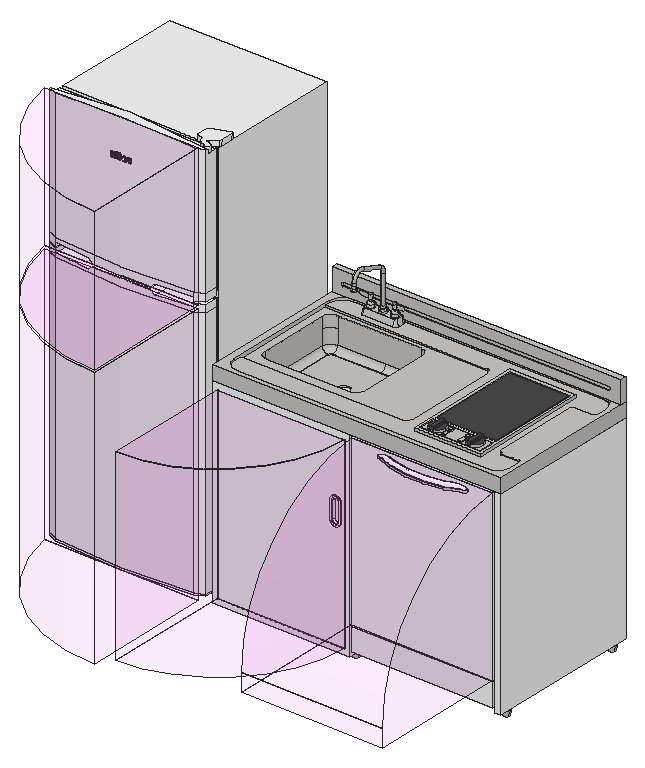
Revit family "QF_Summit_ACKDW751G_Kitchenette_with_Dishwasher_Refrigerator_Freezer", category Specialty Equipment, Revit 2020
Family settings
  Round Connector Dimension = Use Diameter
  Part Type = Normal
  Work Plane-Based = No
  Always vertical = Yes
  Cut with Voids When Loaded = No
  Shared = No
  Room Calculation Point = No
Parameters
  Weight in Pounds = 300
  Watts = Volts * FL Amps  # 0 W
  Volts = 115 V
  URL Cutsheet = ""
  Specification by User = ""
  Specification by Manufacturer = ""
  Show RHD [instance] = yes
  Show LHD [instance] = not(Show RHD)  # no
  Show Clearance [instance] = yes
  Serial Number = ""
  Seismic Rating = ""
  SMACNA No = ""
  Revision Code = ""
  Refrigerant Volume = 0.00 kip
  Refrigerant Type = "R134a"
  Phase = 1
  Number of Poles = 1
  NAFEM Spec ID Number = ""
  Model = "ACKDW751G"
  Min Ckt Ampacity = 0 A
  Max Overcurrent Protection = 0 A
  Masterspec = ""
  Manufacturer = "Summit"
  Length = 74 3/4"
  Item Number = ""
  Installed By = ""
  Identify Quantity as Lot = yes
  Height = 40"
  HP = ""
  Furnished By = ""
  Foodservice Equipment Identifier = yes
  FL Amps = 0 A
  Electrical Remarks = "115 V cooktop"
  Electric Connection Type = ""
  Elec Conn RI Height = 0"
  Elec Conn Connection Height = 0"
  Description = "Kichenette with Dishwasher & Refrigerator/Freezer"
  Depth = 26"
  Default Elevation = 0"
  Cycle = 60 Hz
  Conn Plug = ""
  Conn Conduit = yes
  CSI MasterFormat = ""
  BTUH = 0.0 Btu/h
  Apparent Power = if(Phase = 3, Volts * FL Amps * 1.73, Volts * FL Amps)  # 0 VA
Reference planes (in)
  plane 1 "BACK": y = 0
  plane 2: z = 0
  plane 3 "LEFT": x = -9.125
  plane 4 "RIGHT": x = 65.625
  plane 5 "FRONT": y = -26
  plane 6 "TOP": z = 42
  plane 7 "Center Y": x = 28.25
  plane 8 "Center X": y = -13
  plane 9: z = 1
  plane 10: z = 40
  plane 11: z = 36.375
  plane 12: z = 34
  plane 13: y = -49.5
Forms (in)
  Extrusion 1, solid, material "QF_Metal - Stainless - Polished"
    sketch origin (32, 0, 42) x (-1, 0, 0) y (0, -1, 0)
      loop
        line (14.31397, 0) -> (14.31397, 26) -> (-33.625, 26) -> (-33.625, 0) -> (14.31397, 0)
      loop
        arc (-4.9375, 6.34375) -> (-4.49816, 5.28309) -> (-3.4375, 4.84375) r 1.5
        line (-3.4375, 4.84375) -> (2.3125, 4.84375) -> (10.3125, 4.84375)
        arc (10.3125, 4.84375) -> (11.37316, 5.28309) -> (11.8125, 6.34375) r 1.5
        line (11.8125, 6.34375) -> (11.8125, 18.22375)
        arc (11.8125, 18.22375) -> (11.37316, 19.28441) -> (10.3125, 19.72375) r 1.5
        line (10.3125, 19.72375) -> (-3.4375, 19.72375)
        arc (-3.4375, 19.72375) -> (-4.49816, 19.28441) -> (-4.9375, 18.22375) r 1.5
        line (-4.9375, 18.22375) -> (-4.9375, 6.34375)
    from -5.625 to -8
  Extrusion 2, solid, material "QF_Metal - Stainless - Polished"
    sketch origin (-18.18739, -180, 36.375) x (-1, 0, 0) y (0, -1, 0)
      loop
        line (-35.87341, -180) -> (-35.87341, -179) -> (-83.81239, -179) -> (-83.81239, -180) -> (-35.87341, -180)
    from 0 to 3.625
  Sweep 3, solid, material "QF_Metal - Stainless - Polished"
    path origin (10.37453, 0.875, 0) x (1, 0, 0) y (0, 1, 0)
      loop
        arc (11.31297, -5.71875) -> (10.25231, -6.15809) -> (9.81297, -7.21875) r 1.5
        line (9.81297, -7.21875) -> (9.81297, -19.09875)
        arc (9.81297, -19.09875) -> (10.25231, -20.15941) -> (11.31297, -20.59875) r 1.5
        line (11.31297, -20.59875) -> (25.06297, -20.59875)
        arc (25.06297, -20.59875) -> (26.12363, -20.15941) -> (26.56297, -19.09875) r 1.5
        line (26.56297, -19.09875) -> (26.56297, -7.21875)
        arc (26.56297, -7.21875) -> (26.12363, -6.15809) -> (25.06297, -5.71875) r 1.5
        line (25.06297, -5.71875) -> (19.25147, -5.71875) -> (11.31297, -5.71875)
    profile origin (25.65675, -4.84375, 0) x (0, 1, 0) y (0, 0, 1)
      loop
        line (0, 34) -> (0, 31.495)
        arc (0, 31.495) -> (-0.29289, 30.78789) -> (-1, 30.495) r 1
        line (-1, 30.495) -> (-1, 30.4325)
        arc (-1, 30.4325) -> (-0.2487, 30.7437) -> (0.0625, 31.495) r 1.0625
        line (0.0625, 31.495) -> (0.0625, 34) -> (0, 34)
  Extrusion 4, void
    sketch origin (65.625, -1, 36.375) x (-1, 0, 0) y (0, 0, -1)
      loop
        arc (46.02955, -2.08077) -> (46.40455, -1.70577) -> (46.02955, -1.33077) r 0.375
        line (46.02955, -1.33077) -> (1.90943, -1.33077)
        arc (1.90943, -1.33077) -> (1.53443, -1.70577) -> (1.90943, -2.08077) r 0.375
        line (1.90943, -2.08077) -> (46.02955, -2.08077)
    from 0.25 to -0.25
  Extrusion 5, solid, material "QF_Plastic_White_Smooth"
    sketch origin (-18.18739, -180, 1) x (-1, 0, 0) y (0, -1, 0)
      loop
        line (-35.87341, -180) -> (-35.87341, -154) -> (-36.74841, -154) -> (-36.74841, -179) -> (-57.93739, -179) -> (-57.93739, -154) -> (-58.81239, -154) -> (-58.81239, -179) -> (-82.93739, -179) -> (-82.93739, -154) -> (-83.81239, -154) -> (-83.81239, -180) -> (-35.87341, -180)
    from 0 to 33
  Extrusion 6, solid, material "QF_Plastic_White_Smooth"
    sketch origin (18.56103, -26, 1) x (-1, 0, 0) y (0, 0, -1)
      loop
        line (0, -33) -> (0, -31.999) -> (-21.18897, -31.999) -> (-21.18897, -33) -> (0, -33)
    from 0 to -1
  Extrusion 7, solid, material "QF_Plastic_White_Smooth"
    sketch origin (18.56103, -1, 1) x (1, 0, 0) y (0, 0, 1)
      loop
        line (0, 0) -> (21.18897, 0) -> (21.18897, 0.875) -> (0, 0.875) -> (0, 0)
    from 0 to 25
  Extrusion 8, solid, material "QF_Plastic_White_Smooth"
    sketch origin (42.81103, -26, 1) x (-1, 0, 0) y (0, 0, -1)
      loop
        line (24.25, -0.875) -> (3.06103, -0.875) -> (3.06103, -31.999) -> (24.25, -31.999) -> (24.25, -0.875)
    from 0 to -1
  Extrusion 9, void
    sketch origin (31.95409, -26, 1) x (-1, 0, 0) y (0, 0, -1)
      loop
        arc (-5.68413, -19.46083) -> (-6.28413, -18.86083) -> (-6.88413, -19.46083) r 0.6
        line (-6.88413, -19.46083) -> (-6.88413, -22.26083)
        arc (-6.88413, -22.26083) -> (-6.28413, -22.86083) -> (-5.68413, -22.26083) r 0.6
        line (-5.68413, -22.26083) -> (-5.68413, -19.46083)
    from 0.5 to -0.5009
  Extrusion 10, solid, material "QF_Plastic_White_Smooth"
    sketch origin (31.70409, -26, 1) x (-1, 0, 0) y (0, 0, -1)
      loop
        line (-7.13413, -19.46083) -> (-7.13413, -22.26083)
        arc (-7.13413, -22.26083) -> (-6.53413, -22.86083) -> (-5.93413, -22.26083) r 0.6
        line (-5.93413, -22.26083) -> (-5.93413, -19.46083)
        arc (-5.93413, -19.46083) -> (-6.53413, -18.86083) -> (-7.13413, -19.46083) r 0.6
      loop
        line (-5.63413, -22.26083) -> (-5.63413, -19.46083)
        arc (-5.63413, -19.46083) -> (-6.53413, -18.56083) -> (-7.43413, -19.46083) r 0.9
        line (-7.43413, -19.46083) -> (-7.43413, -22.26083)
        arc (-7.43413, -22.26083) -> (-6.53413, -23.16083) -> (-5.63413, -22.26083) r 0.9
    from 0 to 0.0625
  Extrusion 11, solid
    sketch origin (12.49283, 0, 36.375) x (1, 0, 0) y (0, 0, -1)
      loop
        circle (41.04471, 33.21044) r 0.125
    from 0 to 0.25
  Revolve 12, solid, material "QF_Metal - Stainless - Polished"
    sketch origin (-10.75062, -2, 0) x (1, 0, 0) y (0, 0, 1)
      loop
        line (50.8125, 1) -> (50.8125, 0) -> (51.25, 0) -> (51.375, 0.75) -> (50.9375, 0.75) -> (50.9375, 1) -> (50.8125, 1)
      axis (50.8125, 1) -> (50.8125, 0)
    angle from 0 to 360
  Revolve 13, solid, material "QF_Metal - Stainless - Polished"
    sketch origin (-10.75062, -24.00761, 0) x (1, 0, 0) y (0, 0, 1)
      loop
        line (50.8125, 1) -> (50.8125, 0) -> (51.25, 0) -> (51.375, 0.75) -> (50.9375, 0.75) -> (50.9375, 1) -> (50.8125, 1)
      axis (50.8125, 0) -> (50.8125, 1)
    angle from 0 to 360
  Revolve 14, solid, material "QF_Metal - Stainless - Polished"
    sketch origin (-43.05466, -2, 0) x (1, 0, 0) y (0, 0, 1)
      loop
        line (61.31103, 1) -> (61.31103, 0) -> (61.74853, 0) -> (61.87353, 0.75) -> (61.43603, 0.75) -> (61.43603, 1) -> (61.31103, 1)
      axis (61.31103, 1) -> (61.31103, 0)
    angle from 0 to 360
  Revolve 15, solid, material "QF_Metal - Stainless - Polished"
    sketch origin (-43.05466, -24.00761, 0) x (1, 0, 0) y (0, 0, 1)
      loop
        line (61.31103, 1) -> (61.31103, 0) -> (61.74853, 0) -> (61.87353, 0.75) -> (61.43603, 0.75) -> (61.43603, 1) -> (61.31103, 1)
      axis (61.31103, 0) -> (61.31103, 1)
    angle from 0 to 360
  Extrusion 16, solid, material "QF_Metal - Stainless - Polished"
    sketch origin (-13.50047, 0.875, 1.3075) x (1, 0, 0) y (0, 1, 0)
      loop
        circle (42.06297, -13.15875) r 1
      loop
        arc (49.43797, -7.21875) -> (49.29153, -6.8652) -> (48.93797, -6.71875) r 0.5
        line (48.93797, -6.71875) -> (35.18797, -6.71875)
        arc (35.18797, -6.71875) -> (34.83442, -6.8652) -> (34.68797, -7.21875) r 0.5
        line (34.68797, -7.21875) -> (34.68797, -19.09875)
        arc (34.68797, -19.09875) -> (34.83442, -19.4523) -> (35.18797, -19.59875) r 0.5
        line (35.18797, -19.59875) -> (48.93797, -19.59875)
        arc (48.93797, -19.59875) -> (49.29153, -19.4523) -> (49.43797, -19.09875) r 0.5
        line (49.43797, -19.09875) -> (49.43797, -7.21875)
    from 29.125 to 29.1875
  Extrusion 17, solid, material "QF_Clearances_Door_Drawer", visible <- "Show Clearance"
    sketch origin (-5.56819, 0, 0) x (1, 0, 0) y (0, 1, 0)
      loop
        arc (24.12922, -47.18897) -> (39.11209, -40.98287) -> (45.31819, -26) r 21.18897
        line (45.31819, -26) -> (24.12922, -26) -> (24.12922, -47.18897)
    from 1.875 to 32.999
  Extrusion 18, void
    sketch origin (32, 0, 36.375) x (-1, 0, 0) y (0, -1, 0)
      loop
        arc (-29.124, 6.1261) -> (-29.30706, 5.68415) -> (-29.749, 5.5011) r 0.625
        line (-29.749, 5.5011) -> (-32.374, 5.5011)
        arc (-32.374, 5.5011) -> (-32.81594, 5.31804) -> (-32.999, 4.8761) r 0.625
        line (-32.999, 4.8761) -> (-32.999, 3.2511)
        arc (-32.999, 3.2511) -> (-32.33999, 1.66011) -> (-30.749, 1.0011) r 2.25
        line (-30.749, 1.0011) -> (10.8125, 1.0011)
        arc (10.8125, 1.0011) -> (12.40349, 1.66011) -> (13.0625, 3.2511) r 2.25
        line (13.0625, 3.2511) -> (13.0625, 23)
        arc (13.0625, 23) -> (12.40349, 24.59099) -> (10.8125, 25.25) r 2.25
        line (10.8125, 25.25) -> (-30.749, 25.25)
        arc (-30.749, 25.25) -> (-32.33999, 24.59099) -> (-32.999, 23) r 2.25
        line (-32.999, 23) -> (-32.999, 21.375)
        arc (-32.999, 21.375) -> (-32.81594, 20.93306) -> (-32.374, 20.75) r 0.625
        line (-32.374, 20.75) -> (-29.749, 20.75)
        arc (-29.749, 20.75) -> (-29.30706, 20.56694) -> (-29.124, 20.125) r 0.625
        line (-29.124, 20.125) -> (-29.124, 6.1261)
      loop
        line (-3.4375, 4.84375) -> (-2.4385, 4.84375) -> (10.3125, 4.84375)
        arc (10.3125, 4.84375) -> (11.37316, 5.28309) -> (11.8125, 6.34375) r 1.5
        line (11.8125, 6.34375) -> (11.8125, 18.22375)
        arc (11.8125, 18.22375) -> (11.37316, 19.28441) -> (10.3125, 19.72375) r 1.5
        line (10.3125, 19.72375) -> (-3.4375, 19.72375)
        arc (-3.4375, 19.72375) -> (-4.49816, 19.28441) -> (-4.9375, 18.22375) r 1.5
        line (-4.9375, 18.22375) -> (-4.9375, 6.34375)
        arc (-4.9375, 6.34375) -> (-4.49816, 5.28309) -> (-3.4375, 4.84375) r 1.5
    from -0.25 to 1
  Extrusion 19, void
    sketch origin (32, 0, 36.125) x (-1, 0, 0) y (0, -1, 0)
      loop
        line (-13.75, 4.09375) -> (13.0625, 4.09375) -> (13.0625, 21.71875) -> (-13.75, 21.71875)
        arc (-13.75, 21.71875) -> (-14.45711, 21.42586) -> (-14.75, 20.71875) r 1
        line (-14.75, 20.71875) -> (-14.75, 5.09375)
        arc (-14.75, 5.09375) -> (-14.45711, 4.38664) -> (-13.75, 4.09375) r 1
    from -0.25 to 1
  Revolve 20, solid, material "QF_Metal - Stainless - Polished"
    sketch origin (16, -2, 0) x (1, 0, 0) y (0, 0, 1)
      loop
        line (49.0625, 1) -> (49.0625, 0) -> (49.5, 0) -> (49.625, 0.75) -> (49.1875, 0.75) -> (49.1875, 1) -> (49.0625, 1)
      axis (49.0625, 1) -> (49.0625, 0)
    angle from 0 to 360
  Revolve 21, solid, material "QF_Metal - Stainless - Polished"
    sketch origin (16, -24.00761, 0) x (1, 0, 0) y (0, 0, 1)
      loop
        line (49.0625, 1) -> (49.0625, 0) -> (49.5, 0) -> (49.625, 0.75) -> (49.1875, 0.75) -> (49.1875, 1) -> (49.0625, 1)
      axis (49.0625, 0) -> (49.0625, 1)
    angle from 0 to 360
  Extrusion 22, solid, material "QF_Metal_Stainless_Polished"
    sketch origin (29.04278, -181.11152, 36.125) x (-1, 0, 0) y (0, -1, 0)
      loop
        line (-19.76922, -178.13842) -> (-19.76922, -158.27212) -> (-30.76922, -158.27212) -> (-30.76922, -178.13842) -> (-19.76922, -178.13842)
      loop
        line (-20.26922, -177.38842) -> (-20.26922, -162.02212) -> (-30.26922, -162.02212) -> (-30.26922, -177.38842) -> (-20.26922, -177.38842)
      loop
        line (-20.26922, -158.77212) -> (-30.26922, -158.77212) -> (-30.26922, -161.52212) -> (-20.26922, -161.52212) -> (-20.26922, -158.77212)
    from 0 to 0.5
  Extrusion 23, solid, material "QF_Metal_Stainless_Polished"
    sketch origin (29.04278, -181.11152, 36.625) x (-1, 0, 0) y (0, -1, 0)
      loop
        line (-20.26922, -158.77212) -> (-30.26922, -158.77212) -> (-30.26922, -161.52212) -> (-20.26922, -161.52212) -> (-20.26922, -158.77212)
    from -0.25 to 0
  Extrusion 24, solid, material "QF_Metal_Stainless_Polished"
    sketch origin (29.04278, -181.11152, 36.625) x (-1, 0, 0) y (0, -1, 0)
      loop
        circle (-22.13141, -160.14712) r 1.25
      loop
        circle (-28.40702, -160.14712) r 1.25
    from 0 to 0.25
  Extrusion 25, solid, material "QF_Plastic_Black_Smooth"
    sketch origin (29.04278, -181.11152, 36.875) x (-1, 0, 0) y (0, -1, 0)
      loop
        line (-21.85016, -161.36507) -> (-21.85016, -158.92917)
        arc (-21.85016, -158.92917) -> (-22.13141, -158.89712) -> (-22.41266, -158.92917) r 1.25
        line (-22.41266, -158.92917) -> (-22.41266, -161.36507)
        arc (-22.41266, -161.36507) -> (-22.13141, -161.39712) -> (-21.85016, -161.36507) r 1.25
      loop
        line (-28.12577, -161.36507) -> (-28.12577, -158.92917)
        arc (-28.12577, -158.92917) -> (-28.40702, -158.89712) -> (-28.68827, -158.92917) r 1.25
        line (-28.68827, -158.92917) -> (-28.68827, -161.36507)
        arc (-28.68827, -161.36507) -> (-28.40702, -161.39712) -> (-28.12577, -161.36507) r 1.25
    from 0 to 0.5
  Extrusion 26, solid, material "QF_Metal_Stainless_Polished"
    sketch origin (29.79278, -181.11152, 36.625) x (-1, 0, 0) y (0, -1, 0)
      loop
        line (-22.85535, -160.19685) -> (-22.85535, -159.12569) -> (-23.41848, -159.12569) -> (-23.41848, -160.19685) -> (-22.85535, -160.19685)
      loop
        circle (-23.13691, -160.79606) r 0.28156
      loop
        line (-26.18308, -160.19685) -> (-25.61996, -160.19685) -> (-25.61996, -159.12569) -> (-26.18308, -159.12569) -> (-26.18308, -160.19685)
      loop
        circle (-25.90152, -160.79606) r 0.28156
    from 0 to 0.0625
  Extrusion 27, solid, material "QF_Plastic_Black_Smooth"
    sketch origin (29.04278, -179.11152, 36.125) x (-1, 0, 0) y (0, -1, 0)
      loop
        line (-20.26922, -175.38842) -> (-20.26922, -160.02212) -> (-30.26922, -160.02212) -> (-30.26922, -175.38842) -> (-20.26922, -175.38842)
    from 0 to 0.5
  Extrusion 28, solid, material "QF_Metal_Stainless_Polished", not visible
    sketch origin (-2.35752, -180, 36.125) x (-1, 0, 0) y (0, -1, 0)
      loop
        line (-19.76922, -178.13842) -> (-19.76922, -158.27212) -> (-30.76922, -158.27212) -> (-30.76922, -178.13842) -> (-19.76922, -178.13842)
      loop
        line (-20.26922, -177.38842) -> (-20.26922, -162.02212) -> (-30.26922, -162.02212) -> (-30.26922, -177.38842) -> (-20.26922, -177.38842)
      loop
        line (-20.26922, -158.77212) -> (-30.26922, -158.77212) -> (-30.26922, -161.52212) -> (-20.26922, -161.52212) -> (-20.26922, -158.77212)
    from 0 to 0.5
  Extrusion 29, solid, material "QF_Metal_Stainless_Polished", not visible
    sketch origin (-2.35752, -180, 36.625) x (-1, 0, 0) y (0, -1, 0)
      loop
        line (-20.26922, -158.77212) -> (-30.26922, -158.77212) -> (-30.26922, -161.52212) -> (-20.26922, -161.52212) -> (-20.26922, -158.77212)
    from -0.25 to 0
  Extrusion 30, solid, material "QF_Metal_Stainless_Polished", not visible
    sketch origin (-2.35752, -180, 36.625) x (-1, 0, 0) y (0, -1, 0)
      loop
        circle (-22.13141, -160.14712) r 1.25
      loop
        circle (-28.40702, -160.14712) r 1.25
    from 0 to 0.25
  Extrusion 31, solid, material "QF_Plastic_Black_Smooth", not visible
    sketch origin (-2.35752, -180, 36.875) x (-1, 0, 0) y (0, -1, 0)
      loop
        line (-21.85016, -161.36507) -> (-21.85016, -158.92917)
        arc (-21.85016, -158.92917) -> (-22.13141, -158.89712) -> (-22.41266, -158.92917) r 1.25
        line (-22.41266, -158.92917) -> (-22.41266, -161.36507)
        arc (-22.41266, -161.36507) -> (-22.13141, -161.39712) -> (-21.85016, -161.36507) r 1.25
      loop
        line (-28.12577, -161.36507) -> (-28.12577, -158.92917)
        arc (-28.12577, -158.92917) -> (-28.40702, -158.89712) -> (-28.68827, -158.92917) r 1.25
        line (-28.68827, -158.92917) -> (-28.68827, -161.36507)
        arc (-28.68827, -161.36507) -> (-28.40702, -161.39712) -> (-28.12577, -161.36507) r 1.25
    from 0 to 0.5
  Extrusion 32, solid, material "QF_Metal_Stainless_Polished", not visible
    sketch origin (-1.60752, -180, 36.625) x (-1, 0, 0) y (0, -1, 0)
      loop
        line (-22.85535, -160.19685) -> (-22.85535, -159.12569) -> (-23.41848, -159.12569) -> (-23.41848, -160.19685) -> (-22.85535, -160.19685)
      loop
        circle (-23.13691, -160.79606) r 0.28156
      loop
        line (-26.18308, -160.19685) -> (-25.61996, -160.19685) -> (-25.61996, -159.12569) -> (-26.18308, -159.12569) -> (-26.18308, -160.19685)
      loop
        circle (-25.90152, -160.79606) r 0.28156
    from 0 to 0.0625
  Extrusion 33, solid, material "QF_Plastic_Black_Smooth", not visible
    sketch origin (-2.35752, -178, 36.125) x (-1, 0, 0) y (0, -1, 0)
      loop
        line (-20.26922, -175.38842) -> (-20.26922, -160.02212) -> (-30.26922, -160.02212) -> (-30.26922, -175.38842) -> (-20.26922, -175.38842)
    from 0 to 0.5
Cuts and joins
  Extrusion 4 cuts Extrusion 2
  joined: Extrusion 5, Extrusion 6, Extrusion 7
  Extrusion 9 cuts Extrusion 8
  Extrusion 18, Extrusion 19 cuts Extrusion 1
  joined: Extrusion 1, Sweep 3
Lines and regions (in)
  Split face 1
    outline origin (18.9375, -4.09375, 35.875) x (1, 0, 0) y (0, 1, 0)
      loop
        line (19.6885, -1.78125) -> (26.25, -1.78125)
        arc (26.25, -1.78125) -> (26.4375, -1.59375) -> (26.25, -1.40625) r 0.1875
        line (26.25, -1.40625) -> (19.6885, -1.40625)
        arc (19.6885, -1.40625) -> (19.501, -1.59375) -> (19.6885, -1.78125) r 0.1875
  Split face 2
    outline origin (18.9375, -4.09375, 35.875) x (1, 0, 0) y (0, 1, 0)
      loop
        arc (19.6885, -2.59375) -> (19.501, -2.78125) -> (19.6885, -2.96875) r 0.1875
        line (19.6885, -2.96875) -> (26.25, -2.96875)
        arc (26.25, -2.96875) -> (26.4375, -2.78125) -> (26.25, -2.59375) r 0.1875
        line (26.25, -2.59375) -> (19.6885, -2.59375)
  Split face 3
    outline origin (18.9375, -4.09375, 35.875) x (1, 0, 0) y (0, 1, 0)
      loop
        arc (19.6885, -3.78125) -> (19.501, -3.96875) -> (19.6885, -4.15625) r 0.1875
        line (19.6885, -4.15625) -> (26.25, -4.15625)
        arc (26.25, -4.15625) -> (26.4375, -3.96875) -> (26.25, -3.78125) r 0.1875
        line (26.25, -3.78125) -> (19.6885, -3.78125)
  Split face 4
    outline origin (18.9375, -4.09375, 35.875) x (1, 0, 0) y (0, 1, 0)
      loop
        arc (19.6885, -4.96875) -> (19.501, -5.15625) -> (19.6885, -5.34375) r 0.1875
        line (19.6885, -5.34375) -> (26.25, -5.34375)
        arc (26.25, -5.34375) -> (26.4375, -5.15625) -> (26.25, -4.96875) r 0.1875
        line (26.25, -4.96875) -> (19.6885, -4.96875)
  Split face 5
    outline origin (18.9375, -4.09375, 35.875) x (1, 0, 0) y (0, 1, 0)
      loop
        line (19.6885, -6.53125) -> (26.25, -6.53125)
        arc (26.25, -6.53125) -> (26.4375, -6.34375) -> (26.25, -6.15625) r 0.1875
        line (26.25, -6.15625) -> (19.6885, -6.15625)
        arc (19.6885, -6.15625) -> (19.501, -6.34375) -> (19.6885, -6.53125) r 0.1875
  Split face 6
    outline origin (18.9375, -4.09375, 35.875) x (1, 0, 0) y (0, 1, 0)
      loop
        line (19.6885, -7.71875) -> (26.25, -7.71875)
        arc (26.25, -7.71875) -> (26.4375, -7.53125) -> (26.25, -7.34375) r 0.1875
        line (26.25, -7.34375) -> (19.6885, -7.34375)
        arc (19.6885, -7.34375) -> (19.501, -7.53125) -> (19.6885, -7.71875) r 0.1875
  Split face 7
    outline origin (18.9375, -4.09375, 35.875) x (1, 0, 0) y (0, 1, 0)
      loop
        line (26.25, -8.53125) -> (19.6885, -8.53125)
        arc (19.6885, -8.53125) -> (19.501, -8.71875) -> (19.6885, -8.90625) r 0.1875
        line (19.6885, -8.90625) -> (26.25, -8.90625)
        arc (26.25, -8.90625) -> (26.4375, -8.71875) -> (26.25, -8.53125) r 0.1875
  Split face 8
    outline origin (18.9375, -4.09375, 35.875) x (1, 0, 0) y (0, 1, 0)
      loop
        line (26.25, -9.71875) -> (19.6885, -9.71875)
        arc (19.6885, -9.71875) -> (19.501, -9.90625) -> (19.6885, -10.09375) r 0.1875
        line (19.6885, -10.09375) -> (26.25, -10.09375)
        arc (26.25, -10.09375) -> (26.4375, -9.90625) -> (26.25, -9.71875) r 0.1875
  Split face 9
    outline origin (18.9375, -4.09375, 35.875) x (1, 0, 0) y (0, 1, 0)
      loop
        arc (19.6885, -10.90625) -> (19.501, -11.09375) -> (19.6885, -11.28125) r 0.1875
        line (19.6885, -11.28125) -> (26.25, -11.28125)
        arc (26.25, -11.28125) -> (26.4375, -11.09375) -> (26.25, -10.90625) r 0.1875
        line (26.25, -10.90625) -> (19.6885, -10.90625)
  Split face 10
    outline origin (18.9375, -4.09375, 35.875) x (1, 0, 0) y (0, 1, 0)
      loop
        arc (19.6885, -12.09375) -> (19.501, -12.28125) -> (19.6885, -12.46875) r 0.1875
        line (19.6885, -12.46875) -> (26.25, -12.46875)
        arc (26.25, -12.46875) -> (26.4375, -12.28125) -> (26.25, -12.09375) r 0.1875
        line (26.25, -12.09375) -> (19.6885, -12.09375)
  Split face 11
    outline origin (18.9375, -4.09375, 35.875) x (1, 0, 0) y (0, 1, 0)
      loop
        arc (19.6885, -13.28125) -> (19.501, -13.46875) -> (19.6885, -13.65625) r 0.1875
        line (19.6885, -13.65625) -> (26.25, -13.65625)
        arc (26.25, -13.65625) -> (26.4375, -13.46875) -> (26.25, -13.28125) r 0.1875
        line (26.25, -13.28125) -> (19.6885, -13.28125)
  Split face 12
    outline origin (18.9375, -4.09375, 35.875) x (1, 0, 0) y (0, 1, 0)
      loop
        arc (19.6885, -14.46875) -> (19.501, -14.65625) -> (19.6885, -14.84375) r 0.1875
        line (19.6885, -14.84375) -> (26.25, -14.84375)
        arc (26.25, -14.84375) -> (26.4375, -14.65625) -> (26.25, -14.46875) r 0.1875
        line (26.25, -14.46875) -> (19.6885, -14.46875)
  symbolic lines
    curve 1: line (17.68603, 0, 42) -> (65.625, 0, 42)
    curve 2: line (17.68603, -26, 42) -> (17.68603, 0, 42)
    curve 3: line (65.625, -26, 42) -> (17.68603, -26, 42)
    curve 4: line (65.625, 0, 42) -> (65.625, -26, 42)
    curve 5: line (17.68603, -1.0011, 42) -> (65.625, -1.0011, 42)
    curve 6: arc (21.18691, -1.0011, 42) -> (19.59634, -1.65993, 42) -> (18.9375, -3.25051, 42) r 2.24941
    curve 7: line (18.9375, -3.25051, 42) -> (18.9375, -23.0002, 42)
    curve 8: arc (18.9375, -23.0002, 42) -> (19.59645, -24.59105, 42) -> (21.1873, -25.25, 42) r 2.2498
    curve 9: line (21.1873, -25.25, 42) -> (62.74987, -25.25, 42)
    curve 10: arc (62.74987, -25.25, 42) -> (64.34024, -24.59124, 42) -> (64.999, -23.00087, 42) r 2.24913
    curve 11: line (64.999, -23.00087, 42) -> (64.999, -21.37245, 42)
    curve 12: arc (61.124, -6.1261, 42) -> (61.30706, -5.68415, 42) -> (61.749, -5.5011, 42) r 0.625
    curve 13: line (61.749, -5.5011, 42) -> (64.38573, -5.5011, 42)
    curve 14: arc (65.01442, -5.5, 42) -> (65.00352, -5.50452, 42) -> (64.999, -5.51542, 42) r 0.01542
    curve 15: line (64.999, -4.88783, 42) -> (64.999, -3.24895, 42)
    curve 16: arc (64.999, -3.24895, 42) -> (64.34062, -1.65948, 42) -> (62.75115, -1.0011, 42) r 2.24785
    curve 17: line (18.9375, -21.71875, 42) -> (45.75, -21.71875, 42)
    curve 18: arc (45.75, -21.71875, 42) -> (46.45711, -21.42586, 42) -> (46.75, -20.71875, 42) r 1
    curve 19: line (46.75, -20.71875, 42) -> (46.75, -5.09375, 42)
    curve 20: arc (46.75, -5.09375, 42) -> (46.45711, -4.38664, 42) -> (45.75, -4.09375, 42) r 1
    curve 21: line (45.75, -4.09375, 42) -> (27.23587, -4.09375, 42)
    curve 22: arc (20.1875, -6.34375, 42) -> (20.62684, -5.28309, 42) -> (21.6875, -4.84375, 42) r 1.5
    curve 23: line (21.6875, -4.84375, 42) -> (26.61087, -4.84375, 42)
    curve 24: arc (35.4375, -4.84375, 42) -> (36.49816, -5.28309, 42) -> (36.9375, -6.34375, 42) r 1.5
    curve 25: line (36.9375, -6.34375, 42) -> (36.9375, -18.22375, 42)
    curve 26: arc (36.9375, -18.22375, 42) -> (36.49816, -19.28441, 42) -> (35.4375, -19.72375, 42) r 1.5
    curve 27: line (35.4375, -19.72375, 42) -> (21.6875, -19.72375, 42)
    curve 28: arc (21.6875, -19.72375, 42) -> (20.62684, -19.28441, 42) -> (20.1875, -18.22375, 42) r 1.5
    curve 29: line (20.1875, -18.22375, 42) -> (20.1875, -6.34375, 42)
    curve 30: line (45.1875, -5.5, 42) -> (38.626, -5.5, 42)
    curve 31: arc (38.626, -5.5, 42) -> (38.4385, -5.6875, 42) -> (38.626, -5.875, 42) r 0.1875
    curve 32: line (38.626, -5.875, 42) -> (45.1875, -5.875, 42)
    curve 33: arc (45.1875, -5.875, 42) -> (45.375, -5.6875, 42) -> (45.1875, -5.5, 42) r 0.1875
    curve 34: line (38.626, -6.6875, 42) -> (45.1875, -6.6875, 42)
    curve 35: arc (45.1875, -6.6875, 42) -> (45.375, -6.875, 42) -> (45.1875, -7.0625, 42) r 0.1875
    curve 36: line (45.1875, -7.0625, 42) -> (38.626, -7.0625, 42)
    curve 37: arc (38.626, -7.0625, 42) -> (38.4385, -6.875, 42) -> (38.626, -6.6875, 42) r 0.1875
    curve 38: line (38.626, -7.875, 42) -> (45.1875, -7.875, 42)
    curve 39: arc (45.1875, -7.875, 42) -> (45.375, -8.0625, 42) -> (45.1875, -8.25, 42) r 0.1875
    curve 40: line (45.1875, -8.25, 42) -> (38.626, -8.25, 42)
    curve 41: arc (38.626, -8.25, 42) -> (38.4385, -8.0625, 42) -> (38.626, -7.875, 42) r 0.1875
    curve 42: line (38.626, -9.0625, 42) -> (45.1875, -9.0625, 42)
    curve 43: arc (45.1875, -9.0625, 42) -> (45.375, -9.25, 42) -> (45.1875, -9.4375, 42) r 0.1875
    curve 44: line (45.1875, -9.4375, 42) -> (38.626, -9.4375, 42)
    curve 45: arc (38.626, -9.4375, 42) -> (38.4385, -9.25, 42) -> (38.626, -9.0625, 42) r 0.1875
    curve 46: line (45.1875, -10.25, 42) -> (38.626, -10.25, 42)
    curve 47: arc (38.626, -10.25, 42) -> (38.4385, -10.4375, 42) -> (38.626, -10.625, 42) r 0.1875
    curve 48: line (38.626, -10.625, 42) -> (45.1875, -10.625, 42)
    curve 49: arc (45.1875, -10.625, 42) -> (45.375, -10.4375, 42) -> (45.1875, -10.25, 42) r 0.1875
    curve 50: line (45.1875, -12.625, 42) -> (38.626, -12.625, 42)
    curve 51: arc (38.626, -12.625, 42) -> (38.4385, -12.8125, 42) -> (38.626, -13, 42) r 0.1875
    curve 52: line (38.626, -13, 42) -> (45.1875, -13, 42)
    curve 53: arc (45.1875, -13, 42) -> (45.375, -12.8125, 42) -> (45.1875, -12.625, 42) r 0.1875
    curve 54: line (45.1875, -13.8125, 42) -> (38.626, -13.8125, 42)
    curve 55: arc (38.626, -13.8125, 42) -> (38.4385, -14, 42) -> (38.626, -14.1875, 42) r 0.1875
    curve 56: line (38.626, -14.1875, 42) -> (45.1875, -14.1875, 42)
    curve 57: arc (45.1875, -14.1875, 42) -> (45.375, -14, 42) -> (45.1875, -13.8125, 42) r 0.1875
    curve 58: line (38.626, -15, 42) -> (45.1875, -15, 42)
    curve 59: arc (45.1875, -15, 42) -> (45.375, -15.1875, 42) -> (45.1875, -15.375, 42) r 0.1875
    curve 60: line (45.1875, -15.375, 42) -> (38.626, -15.375, 42)
    curve 61: arc (38.626, -15.375, 42) -> (38.4385, -15.1875, 42) -> (38.626, -15, 42) r 0.1875
    curve 62: line (38.626, -16.1875, 42) -> (45.1875, -16.1875, 42)
    curve 63: arc (45.1875, -16.1875, 42) -> (45.375, -16.375, 42) -> (45.1875, -16.5625, 42) r 0.1875
    curve 64: line (45.1875, -16.5625, 42) -> (38.626, -16.5625, 42)
    curve 65: arc (38.626, -16.5625, 42) -> (38.4385, -16.375, 42) -> (38.626, -16.1875, 42) r 0.1875
    curve 66: line (38.626, -17.375, 42) -> (45.1875, -17.375, 42)
    curve 67: arc (45.1875, -17.375, 42) -> (45.375, -17.5625, 42) -> (45.1875, -17.75, 42) r 0.1875
    curve 68: line (45.1875, -17.75, 42) -> (38.626, -17.75, 42)
    curve 69: arc (38.626, -17.75, 42) -> (38.4385, -17.5625, 42) -> (38.626, -17.375, 42) r 0.1875
    curve 70: line (38.626, -18.5625, 42) -> (45.1875, -18.5625, 42)
    curve 71: arc (45.1875, -18.5625, 42) -> (45.375, -18.75, 42) -> (45.1875, -18.9375, 42) r 0.1875
    curve 72: line (45.1875, -18.9375, 42) -> (38.626, -18.9375, 42)
    curve 73: arc (38.626, -18.9375, 42) -> (38.4385, -18.75, 42) -> (38.626, -18.5625, 42) r 0.1875
    curve 74: arc (29.5625, -12.28375, 42) -> (28.5625, -13.28375, 42) -> (27.5625, -12.28375, 42) r 1
    curve 75: arc (27.5625, -12.28375, 42) -> (28.5625, -11.28375, 42) -> (29.5625, -12.28375, 42) r 1
    curve 78: arc (61.749, -20.75, 42) -> (61.30706, -20.56694, 42) -> (61.124, -20.125, 42) r 0.625
    curve 79: line (64.37655, -20.75, 42) -> (61.749, -20.75, 42)
    curve 80: arc (64.999, -21.37245, 42) -> (64.81669, -20.93231, 42) -> (64.37655, -20.75, 42) r 0.62245
    curve 81: arc (64.38573, -5.5011, 42) -> (64.81938, -5.32147, 42) -> (64.999, -4.88783, 42) r 0.61327
    curve 82: line (27.23587, -4.84375, 42) -> (35.4375, -4.84375, 42)
    curve 83: line (26.61087, -4.09375, 42) -> (18.9375, -4.09375, 42)
    curve 84: line (45.1875, -11.4375, 42) -> (38.626, -11.4375, 42)
    curve 85: arc (38.626, -11.4375, 42) -> (38.4385, -11.625, 42) -> (38.626, -11.8125, 42) r 0.1875
    curve 86: line (38.626, -11.8125, 42) -> (45.1875, -11.8125, 42)
    curve 87: arc (45.1875, -11.8125, 42) -> (45.375, -11.625, 42) -> (45.1875, -11.4375, 42) r 0.1875
    curve 88: line (61.124, -20.125, 42) -> (61.124, -6.1261, 42)
    curve 89: line (48.812, -2.9731, 42) -> (59.812, -2.9731, 42)
    curve 90: line (48.812, -22.8394, 42) -> (48.812, -2.9731, 42)
    curve 91: line (59.812, -22.8394, 42) -> (48.812, -22.8394, 42)
    curve 92: line (59.812, -2.9731, 42) -> (59.812, -22.8394, 42)
    curve 93: line (49.312, -3.7231, 42) -> (59.312, -3.7231, 42)
    curve 94: line (49.312, -19.0894, 42) -> (49.312, -3.7231, 42)
    curve 95: line (59.312, -19.0894, 42) -> (49.312, -19.0894, 42)
    curve 96: line (59.312, -3.7231, 42) -> (59.312, -19.0894, 42)
    curve 97: line (49.312, -19.5894, 42) -> (59.312, -19.5894, 42)
    curve 98: line (49.312, -22.3394, 42) -> (49.312, -19.5894, 42)
    curve 99: line (59.312, -22.3394, 42) -> (49.312, -22.3394, 42)
    curve 100: line (59.312, -19.5894, 42) -> (59.312, -22.3394, 42)
    curve 101: line (52.64813, -20.91467, 42) -> (53.21126, -20.91467, 42)
    curve 102: line (52.64813, -21.98583, 42) -> (52.64813, -20.91467, 42)
    curve 103: line (53.21126, -21.98583, 42) -> (52.64813, -21.98583, 42)
    curve 104: line (53.21126, -20.91467, 42) -> (53.21126, -21.98583, 42)
    curve 105: line (55.41274, -20.91467, 42) -> (55.97587, -20.91467, 42)
    curve 106: line (55.41274, -21.98583, 42) -> (55.41274, -20.91467, 42)
    curve 107: line (55.97587, -21.98583, 42) -> (55.41274, -21.98583, 42)
    curve 108: line (55.97587, -20.91467, 42) -> (55.97587, -21.98583, 42)
    curve 109: arc (52.64813, -20.31546, 42) -> (52.9297, -20.59703, 42) -> (53.21126, -20.31546, 42) r 0.28156
    curve 110: arc (53.21126, -20.31546, 42) -> (52.9297, -20.0339, 42) -> (52.64813, -20.31546, 42) r 0.28156
    curve 111: arc (55.41274, -20.31546, 42) -> (55.6943, -20.59703, 42) -> (55.97587, -20.31546, 42) r 0.28156
    curve 112: arc (55.97587, -20.31546, 42) -> (55.6943, -20.0339, 42) -> (55.41274, -20.31546, 42) r 0.28156
    curve 113: arc (49.92419, -20.9644, 42) -> (51.17419, -22.2144, 42) -> (52.42419, -20.9644, 42) r 1.25
    curve 114: arc (52.42419, -20.9644, 42) -> (51.17419, -19.7144, 42) -> (49.92419, -20.9644, 42) r 1.25
    curve 115: arc (58.69981, -20.9644, 42) -> (57.44981, -19.7144, 42) -> (56.19981, -20.9644, 42) r 1.25
    curve 116: arc (56.19981, -20.9644, 42) -> (57.44981, -22.2144, 42) -> (58.69981, -20.9644, 42) r 1.25
    curve 117: line (57.16856, -19.74645, 42) -> (57.16856, -22.18235, 42)
    curve 118: line (57.73106, -22.18235, 42) -> (57.73106, -19.74645, 42)
    curve 119: line (51.45544, -22.18235, 42) -> (51.45544, -19.74645, 42)
    curve 120: line (50.89294, -19.74645, 42) -> (50.89294, -22.18235, 42)
  symbolic lines, style "QF_Clearances_Door_Drawer", visible <- "Show Clearance"
    curve 76: arc (39.75, -26, 42) -> (39.05988, -31.36374, 42) -> (37.03447, -36.37808, 42) r 21.18897
    curve 77: line (37.03447, -36.37808, 42) -> (18.56103, -26, 42)
  symbolic lines, not visible
    curve 121: line (17.41169, -1.86158, 42) -> (28.41169, -1.86158, 42)
    curve 122: line (17.41169, -21.72788, 42) -> (17.41169, -1.86158, 42)
    curve 123: line (28.41169, -21.72788, 42) -> (17.41169, -21.72788, 42)
    curve 124: line (28.41169, -1.86158, 42) -> (28.41169, -21.72788, 42)
    curve 125: line (17.91169, -2.61158, 42) -> (27.91169, -2.61158, 42)
    curve 126: line (17.91169, -17.97788, 42) -> (17.91169, -2.61158, 42)
    curve 127: line (27.91169, -17.97788, 42) -> (17.91169, -17.97788, 42)
    curve 128: line (27.91169, -2.61158, 42) -> (27.91169, -17.97788, 42)
    curve 129: line (17.91169, -18.47788, 42) -> (27.91169, -18.47788, 42)
    curve 130: line (17.91169, -21.22788, 42) -> (17.91169, -18.47788, 42)
    curve 131: line (27.91169, -21.22788, 42) -> (17.91169, -21.22788, 42)
    curve 132: line (27.91169, -18.47788, 42) -> (27.91169, -21.22788, 42)
    curve 133: line (21.24783, -19.80315, 42) -> (21.81096, -19.80315, 42)
    curve 134: line (21.24783, -20.87431, 42) -> (21.24783, -19.80315, 42)
    curve 135: line (21.81096, -20.87431, 42) -> (21.24783, -20.87431, 42)
    curve 136: line (21.81096, -19.80315, 42) -> (21.81096, -20.87431, 42)
    curve 137: line (24.01243, -19.80315, 42) -> (24.57556, -19.80315, 42)
    curve 138: line (24.01243, -20.87431, 42) -> (24.01243, -19.80315, 42)
    curve 139: line (24.57556, -20.87431, 42) -> (24.01243, -20.87431, 42)
    curve 140: line (24.57556, -19.80315, 42) -> (24.57556, -20.87431, 42)
    curve 141: arc (21.24783, -19.20394, 42) -> (21.52939, -19.4855, 42) -> (21.81096, -19.20394, 42) r 0.28156
    curve 142: arc (21.81096, -19.20394, 42) -> (21.52939, -18.92238, 42) -> (21.24783, -19.20394, 42) r 0.28156
    curve 143: arc (24.01243, -19.20394, 42) -> (24.294, -19.4855, 42) -> (24.57556, -19.20394, 42) r 0.28156
    curve 144: arc (24.57556, -19.20394, 42) -> (24.294, -18.92238, 42) -> (24.01243, -19.20394, 42) r 0.28156
    curve 145: arc (18.52389, -19.85288, 42) -> (19.77389, -21.10288, 42) -> (21.02389, -19.85288, 42) r 1.25
    curve 146: arc (21.02389, -19.85288, 42) -> (19.77389, -18.60288, 42) -> (18.52389, -19.85288, 42) r 1.25
    curve 147: arc (27.2995, -19.85288, 42) -> (26.0495, -18.60288, 42) -> (24.7995, -19.85288, 42) r 1.25
    curve 148: arc (24.7995, -19.85288, 42) -> (26.0495, -21.10288, 42) -> (27.2995, -19.85288, 42) r 1.25
    curve 149: line (25.76825, -18.63493, 42) -> (25.76825, -21.07083, 42)
    curve 150: line (26.33075, -21.07083, 42) -> (26.33075, -18.63493, 42)
    curve 151: line (20.05514, -21.07083, 42) -> (20.05514, -18.63493, 42)
    curve 152: line (19.49264, -18.63493, 42) -> (19.49264, -21.07083, 42)
Dimensions and locks (in)
  equal spacing: plane 3 "LEFT", plane 7 "Center Y", plane 4 "RIGHT"
  "Length": plane 3 "LEFT" to plane 4 "RIGHT"
  equal spacing: plane 5 "FRONT", plane 8 "Center X", plane 1 "BACK"
  "Depth": plane 5 "FRONT" to plane 1 "BACK"
  "Height": plane 10 to level
  plane 11 to level = 36 3/8"
  plane 12 to level = 34"
  plane 13 to plane 1 "BACK" = 49 1/2"
  aligned and locked: level to plane 2
Automatic sketch dimensions
  plane 1 "BACK" to Extrusion 1 sketch curve = 0"
  Extrusion 1 sketch curve to plane 4 "RIGHT" = 0"
  plane 5 "FRONT" to Extrusion 1 sketch curve = 0"
  Extrusion 1 sketch curve to Extrusion 1 sketch curve = 1 1/2"  (x3)
  plane 7 "Center Y" to Extrusion 1 sketch curve = 1 7/16"
  Extrusion 1 sketch curve to Extrusion 1 sketch curve = 8"
  Extrusion 1 sketch curve to plane 7 "Center Y" = 6 9/16"
  Extrusion 1 sketch curve to Extrusion 1 sketch curve = 4.00147"
  plane 1 "BACK" to Extrusion 1 sketch curve = 4 27/32"
  plane 1 "BACK" to Extrusion 2 sketch curve = 0"
  Extrusion 2 sketch curve to plane 4 "RIGHT" = 0"
  plane 1 "BACK" to Extrusion 2 sketch curve = 1"
  Extrusion 2 sketch curve to plane 7 "Center Y" = 10.56397"
  Sweep 3 sketch curve to plane 7 "Center Y" = 8 1/16"
  Sweep 3 sketch curve to Sweep 3 sketch curve = 1 1/2"  (x3)
  plane 7 "Center Y" to Sweep 3 sketch curve = 1.376"
  plane 7 "Center Y" to Sweep 3 sketch curve = 7 3/16"  (x2)
  Sweep 3 sketch curve to plane 5 "FRONT" = 6.27625"
  plane 1 "BACK" to Sweep 3 sketch curve = 6 11/32"
  Sweep 3 sketch curve to Sweep 3 sketch curve = 0"  (x2)
  Sweep 3 sketch curve to profile plane = 0"
  profile plane to Sweep 3 sketch curve = 1"
  Sweep 3 sketch curve to Sweep 3 sketch curve = 1/16"
  level to Sweep 3 sketch curve = 30.4325"
  Sweep 3 sketch curve to Sweep 3 sketch curve = 2.505"
  Extrusion 4 sketch curve to Extrusion 2 = 1.90943"
  Extrusion 2 to Extrusion 4 sketch curve = 1.90943"
  Extrusion 2 to Extrusion 4 sketch curve = 1.54423"
  Extrusion 4 sketch curve to Extrusion 4 sketch curve = 3/8"
  Extrusion 6 sketch curve to Extrusion 5 = 0"  (x2)
  Extrusion 5 to Extrusion 6 sketch curve = 1.001"
  Extrusion 5 to Extrusion 6 sketch curve = 21.18897"
  Extrusion 7 sketch curve to Extrusion 5 = 0"  (x3)
  Extrusion 5 to Extrusion 7 sketch curve = 7/8"
  Extrusion 8 sketch curve to Extrusion 5 = 0"
  Extrusion 5 to Extrusion 8 sketch curve = 7/8"
  Extrusion 5 to Extrusion 8 sketch curve = 21.18897"
  Extrusion 5 to Extrusion 8 sketch curve = 1.001"
  Extrusion 5 to Extrusion 9 sketch curve = 20.27719"
  Extrusion 9 sketch curve to Extrusion 9 sketch curve = 0.6"
  Extrusion 5 to Extrusion 9 sketch curve = 10.73917"
  Extrusion 9 sketch curve to Extrusion 9 sketch curve = 2.8"
  Extrusion 10 sketch curve to Extrusion 10 sketch curve = 0"  (x4)
  Extrusion 5 to Extrusion 10 sketch curve = 20.57719"
  Extrusion 10 sketch curve to Extrusion 10 sketch curve = 0.3"
  Extrusion 10 sketch curve to Extrusion 10 sketch curve = 0.6"
  Extrusion 5 to Extrusion 10 sketch curve = 10.73917"
  Extrusion 10 sketch curve to Extrusion 10 sketch curve = 2.8"
  Extrusion 11 sketch curve to Extrusion 2 = 12.08747"
  Extrusion 11 sketch curve to Extrusion 2 = 33.21044"
  Revolve 12 sketch curve to level = 0"  (x2)
  Revolve 12 sketch curve to plane 9 = 0"
  plane 7 "Center Y" to Revolve 12 sketch curve = 11.81188"
  Revolve 12 sketch curve to Revolve 12 sketch curve = 1/8"
  Revolve 12 sketch curve to Revolve 12 sketch curve = 7/16"  (x2)
  Revolve 12 sketch curve to plane 9 = 1/4"
  Revolve 12 sketch curve to Revolve 12 sketch curve = 0"
  Revolve 12 sketch curve to Revolve 12 sketch curve = 0.28903"
  plane 9 to Revolve 13 sketch curve = 0"  (x2)
  level to Revolve 13 sketch curve = 0"
  plane 7 "Center Y" to Revolve 13 sketch curve = 11.81188"
  Revolve 13 sketch curve to Revolve 13 sketch curve = 1/8"
  Revolve 13 sketch curve to Revolve 13 sketch curve = 7/16"  (x2)
  Revolve 13 sketch curve to plane 9 = 1/4"
  Revolve 13 sketch curve to Revolve 13 sketch curve = 0"
  Revolve 13 sketch curve to Revolve 13 sketch curve = 0.40299"
  Revolve 14 sketch curve to level = 0"  (x2)
  Revolve 14 sketch curve to plane 9 = 0"
  Revolve 14 sketch curve to plane 7 "Center Y" = 9.99364"
  Revolve 14 sketch curve to Revolve 14 sketch curve = 1/8"
  Revolve 14 sketch curve to Revolve 14 sketch curve = 7/16"  (x2)
  Revolve 14 sketch curve to plane 9 = 1/4"
  Revolve 14 sketch curve to Revolve 14 sketch curve = 0"
  Revolve 14 sketch curve to Revolve 14 sketch curve = 0.28903"
  plane 9 to Revolve 15 sketch curve = 0"  (x2)
  level to Revolve 15 sketch curve = 0"
  Revolve 15 sketch curve to plane 7 "Center Y" = 9.99364"
  Revolve 15 sketch curve to Revolve 15 sketch curve = 1/8"
  Revolve 15 sketch curve to Revolve 15 sketch curve = 7/16"  (x2)
  Revolve 15 sketch curve to plane 9 = 1/4"
  Revolve 15 sketch curve to Revolve 15 sketch curve = 0"
  plane 9 to Revolve 15 sketch curve = 0.40299"
  Extrusion 16 sketch curve to plane 8 "Center X" = 5.22375"
  Extrusion 16 sketch curve to plane 7 "Center Y" = 7 1/16"
  Extrusion 16 sketch curve to Extrusion 16 sketch curve = 1/2"  (x3)
  plane 7 "Center Y" to Extrusion 16 sketch curve = 5/16"
  plane 7 "Center Y" to Extrusion 16 sketch curve = 7 3/16"  (x2)
  plane 8 "Center X" to Extrusion 16 sketch curve = 0.71625"
  plane 1 "BACK" to Extrusion 16 sketch curve = 6 11/32"
  Extrusion 18 sketch curve to Extrusion 1 = 0.40125"
  Extrusion 18 sketch curve to Extrusion 1 = 4.501"
  Extrusion 18 sketch curve to Extrusion 18 sketch curve = 5/8"  (x3)
  Extrusion 18 sketch curve to Extrusion 1 = 1.59265"
  Extrusion 18 sketch curve to Extrusion 18 sketch curve = 1"
  Extrusion 18 sketch curve to Extrusion 1 = 3/4"
  Extrusion 18 sketch curve to Extrusion 1 = 2.876"
  Extrusion 18 sketch curve to Extrusion 1 = 1.251"  (x2)
  Extrusion 1 to Extrusion 18 sketch curve = 0.65735"
  Extrusion 18 sketch curve to Extrusion 1 = 0.626"
  Extrusion 1 to Extrusion 18 sketch curve = 1 1/2"  (x2)
  Extrusion 18 sketch curve to Extrusion 18 sketch curve = 0.999"
  Extrusion 1 to Extrusion 18 sketch curve = 1"  (x2)
  Extrusion 18 sketch curve to Extrusion 1 = 1 1/4"
  Extrusion 19 sketch curve to Extrusion 18 = 0"
  Extrusion 19 sketch curve to Extrusion 18 = 3/4"
  Extrusion 19 sketch curve to Extrusion 18 = 8 13/16"  (x2)
  Extrusion 18 to Extrusion 19 sketch curve = 1/32"
  Extrusion 18 to Extrusion 19 sketch curve = 1/4"
  Revolve 20 sketch curve to level = 0"  (x2)
  Revolve 20 sketch curve to plane 9 = 0"
  plane 4 "RIGHT" to Revolve 20 sketch curve = 9/16"
  Revolve 20 sketch curve to Revolve 20 sketch curve = 1/8"
  plane 4 "RIGHT" to Revolve 20 sketch curve = 1/8"
  plane 4 "RIGHT" to Revolve 20 sketch curve = 0"
  Revolve 20 sketch curve to plane 9 = 1/4"
  Revolve 20 sketch curve to Revolve 20 sketch curve = 0"
  Revolve 20 sketch curve to Revolve 20 sketch curve = 0.28903"
  plane 9 to Revolve 21 sketch curve = 0"  (x2)
  level to Revolve 21 sketch curve = 0"
  plane 4 "RIGHT" to Revolve 21 sketch curve = 9/16"
  Revolve 21 sketch curve to Revolve 21 sketch curve = 1/8"
  plane 4 "RIGHT" to Revolve 21 sketch curve = 1/8"
  plane 4 "RIGHT" to Revolve 21 sketch curve = 0"
  Revolve 21 sketch curve to plane 9 = 1/4"
  Revolve 21 sketch curve to Revolve 21 sketch curve = 0"
  plane 9 to Revolve 21 sketch curve = 0.40299"
  cut or joined group of Extrusion 1, Sweep 3, Extrusion 18, Extrusion 19 to Split face 1 sketch curve = 1 1/32"
  Split face 1 sketch curve to cut or joined group of Extrusion 1, Sweep 3, Extrusion 18, Extrusion 19 = 1.6885"
  Split face 1 sketch curve to cut or joined group of Extrusion 1, Sweep 3, Extrusion 18, Extrusion 19 = 1 9/16"
  Split face 1 sketch curve to Split face 1 sketch curve = 3/16"
  Split face 2 sketch curve to cut or joined group of Extrusion 1, Sweep 3, Extrusion 18, Extrusion 19 = 1.6885"
  Split face 2 sketch curve to cut or joined group of Extrusion 1, Sweep 3, Extrusion 18, Extrusion 19 = 1 9/16"
  cut or joined group of Extrusion 1, Sweep 3, Extrusion 18, Extrusion 19 to Split face 2 sketch curve = 2 7/32"
  Split face 2 sketch curve to Split face 2 sketch curve = 3/16"
  Split face 3 sketch curve to cut or joined group of Extrusion 1, Sweep 3, Extrusion 18, Extrusion 19 = 1.6885"
  Split face 3 sketch curve to cut or joined group of Extrusion 1, Sweep 3, Extrusion 18, Extrusion 19 = 1 9/16"
  cut or joined group of Extrusion 1, Sweep 3, Extrusion 18, Extrusion 19 to Split face 3 sketch curve = 3 13/32"
  Split face 3 sketch curve to Split face 3 sketch curve = 3/16"
  Split face 4 sketch curve to cut or joined group of Extrusion 1, Sweep 3, Extrusion 18, Extrusion 19 = 1.6885"
  Split face 4 sketch curve to cut or joined group of Extrusion 1, Sweep 3, Extrusion 18, Extrusion 19 = 1 9/16"
  cut or joined group of Extrusion 1, Sweep 3, Extrusion 18, Extrusion 19 to Split face 4 sketch curve = 4 19/32"
  Split face 4 sketch curve to Split face 4 sketch curve = 3/16"
  Split face 5 sketch curve to cut or joined group of Extrusion 1, Sweep 3, Extrusion 18, Extrusion 19 = 1.6885"
  Split face 5 sketch curve to cut or joined group of Extrusion 1, Sweep 3, Extrusion 18, Extrusion 19 = 1 9/16"
  cut or joined group of Extrusion 1, Sweep 3, Extrusion 18, Extrusion 19 to Split face 5 sketch curve = 5 25/32"
  Split face 5 sketch curve to Split face 5 sketch curve = 3/16"
  Split face 6 sketch curve to cut or joined group of Extrusion 1, Sweep 3, Extrusion 18, Extrusion 19 = 1.6885"
  Split face 6 sketch curve to cut or joined group of Extrusion 1, Sweep 3, Extrusion 18, Extrusion 19 = 1 9/16"
  cut or joined group of Extrusion 1, Sweep 3, Extrusion 18, Extrusion 19 to Split face 6 sketch curve = 6 31/32"
  Split face 6 sketch curve to Split face 6 sketch curve = 3/16"
  Split face 7 sketch curve to cut or joined group of Extrusion 1, Sweep 3, Extrusion 18, Extrusion 19 = 1.6885"
  Split face 7 sketch curve to cut or joined group of Extrusion 1, Sweep 3, Extrusion 18, Extrusion 19 = 1 9/16"
  cut or joined group of Extrusion 1, Sweep 3, Extrusion 18, Extrusion 19 to Split face 7 sketch curve = 6.72375"
  Split face 7 sketch curve to Split face 7 sketch curve = 3/16"
  Split face 8 sketch curve to cut or joined group of Extrusion 1, Sweep 3, Extrusion 18, Extrusion 19 = 1.6885"
  Split face 8 sketch curve to cut or joined group of Extrusion 1, Sweep 3, Extrusion 18, Extrusion 19 = 1 9/16"
  cut or joined group of Extrusion 1, Sweep 3, Extrusion 18, Extrusion 19 to Split face 8 sketch curve = 5.53625"
  Split face 8 sketch curve to Split face 8 sketch curve = 3/16"
  Split face 9 sketch curve to cut or joined group of Extrusion 1, Sweep 3, Extrusion 18, Extrusion 19 = 1.6885"
  Split face 9 sketch curve to cut or joined group of Extrusion 1, Sweep 3, Extrusion 18, Extrusion 19 = 1 9/16"
  cut or joined group of Extrusion 1, Sweep 3, Extrusion 18, Extrusion 19 to Split face 9 sketch curve = 4.34875"
  Split face 9 sketch curve to Split face 9 sketch curve = 3/16"
  Split face 10 sketch curve to cut or joined group of Extrusion 1, Sweep 3, Extrusion 18, Extrusion 19 = 1.6885"
  Split face 10 sketch curve to cut or joined group of Extrusion 1, Sweep 3, Extrusion 18, Extrusion 19 = 1 9/16"
  cut or joined group of Extrusion 1, Sweep 3, Extrusion 18, Extrusion 19 to Split face 10 sketch curve = 3.16125"
  Split face 10 sketch curve to Split face 10 sketch curve = 3/16"
  Split face 11 sketch curve to cut or joined group of Extrusion 1, Sweep 3, Extrusion 18, Extrusion 19 = 1.6885"
  Split face 11 sketch curve to cut or joined group of Extrusion 1, Sweep 3, Extrusion 18, Extrusion 19 = 1 9/16"
  cut or joined group of Extrusion 1, Sweep 3, Extrusion 18, Extrusion 19 to Split face 11 sketch curve = 1.97375"
  Split face 11 sketch curve to Split face 11 sketch curve = 3/16"
  Split face 12 sketch curve to cut or joined group of Extrusion 1, Sweep 3, Extrusion 18, Extrusion 19 = 1.6885"
  Split face 12 sketch curve to cut or joined group of Extrusion 1, Sweep 3, Extrusion 18, Extrusion 19 = 1 9/16"
  cut or joined group of Extrusion 1, Sweep 3, Extrusion 18, Extrusion 19 to Split face 12 sketch curve = 0.78625"
  Split face 12 sketch curve to Split face 12 sketch curve = 3/16"
  Extrusion 1 sketch curve to plane 8 "Center X" = 5.22375"
  plane 5 "FRONT" to Extrusion 17 sketch curve = 0"
  plane 13 to Extrusion 17 sketch curve = 2.31103"
  Extrusion 17 sketch curve to plane 7 "Center Y" = 9.68897"
  Extrusion 22 sketch curve to Extrusion 22 sketch curve = 1/2"  (x5)
  Extrusion 22 sketch curve to Extrusion 22 sketch curve = 3/4"
  Extrusion 23 sketch curve to Extrusion 22 = 0"  (x4)
  Extrusion 24 sketch curve to Extrusion 23 = 1.86219"  (x2)
  Extrusion 24 sketch curve to Extrusion 23 = 1 3/8"  (x2)
  Extrusion 25 sketch curve to Extrusion 25 sketch curve = 9/32"  (x2)
  Extrusion 25 sketch curve to Extrusion 25 sketch curve = 9/16"  (x2)
  Extrusion 26 sketch curve to Extrusion 23 = 0.35356"  (x2)
  Extrusion 26 sketch curve to Extrusion 23 = 3.33613"
  Extrusion 26 sketch curve to Extrusion 26 sketch curve = 0.28156"  (x2)
  Extrusion 26 sketch curve to Extrusion 26 sketch curve = 0.56313"  (x2)
  Extrusion 26 sketch curve to Extrusion 26 sketch curve = 2.20148"
  Extrusion 26 sketch curve to Extrusion 26 sketch curve = 1.07117"  (x2)
  Extrusion 26 sketch curve to Extrusion 26 sketch curve = 0.59921"  (x2)
  Extrusion 22 sketch curve to Extrusion 22 sketch curve = 0"
  Extrusion 22 sketch curve to Extrusion 22 sketch curve = 10"
  Extrusion 22 sketch curve to Extrusion 22 sketch curve = 15.3663"
  Extrusion 22 sketch curve to Extrusion 22 sketch curve = 2 3/4"
  Extrusion 27 sketch curve to Extrusion 27 sketch curve = 10"
  Extrusion 27 sketch curve to Extrusion 27 sketch curve = 15.3663"
  curve 91 to curve 97 = 1/2"
  curve 95 to curve 97 = 0"  (x2)
  curve 99 to curve 116 = 1.86219"
  curve 115 to curve 108 = 1.47394"
  curve 105 to curve 112 = 0.28156"
  curve 105 to curve 105 = 0.56313"
  curve 105 to curve 104 = 2.20148"
  curve 101 to curve 109 = 0.28156"
  curve 101 to curve 101 = 0.56313"
  curve 101 to curve 114 = 1.47394"
  curve 113 to curve 99 = 1.86219"
  curve 93 to curve 90 = 1/2"
  curve 89 to curve 93 = 3/4"
  curve 93 to curve 95 = 15.3663"
  curve 95 to curve 97 = 1/2"
  curve 97 to curve 112 = 0.72606"
  curve 110 to curve 111 = 0"
  curve 111 to curve 105 = 0.59921"
  curve 109 to curve 102 = 0.59921"
  curve 105 to curve 115 = 0.04973"
  curve 101 to curve 114 = 0.04973"
  curve 101 to curve 103 = 1.07117"
  curve 105 to curve 106 = 1.07117"
  curve 113 to curve 98 = 1 3/8"
  curve 99 to curve 91 = 1/2"
  curve 116 to curve 115 = 1 1/4"
  curve 118 to curve 115 = 9/32"
  curve 118 to curve 117 = 9/16"
  curve 111 to curve 111 = 0.28156"
  curve 110 to curve 109 = 0.28156"
  curve 101 to curve 114 = 0.22394"
  curve 119 to curve 113 = 9/32"
  curve 120 to curve 119 = 0"
  curve 109 to curve 110 = 0"  (x2)
  curve 111 to curve 112 = 0"  (x2)
  curve 113 to curve 114 = 0"  (x2)
  curve 115 to curve 116 = 0"  (x2)
  Extrusion 28 sketch curve to Extrusion 28 sketch curve = 1/2"  (x5)
  Extrusion 28 sketch curve to Extrusion 28 sketch curve = 3/4"
  Extrusion 29 sketch curve to Extrusion 28 = 0"  (x4)
  Extrusion 30 sketch curve to Extrusion 29 = 1.86219"  (x2)
  Extrusion 30 sketch curve to Extrusion 29 = 1 3/8"  (x2)
  Extrusion 31 sketch curve to Extrusion 31 sketch curve = 9/32"  (x2)
  Extrusion 31 sketch curve to Extrusion 31 sketch curve = 9/16"  (x2)
  Extrusion 32 sketch curve to Extrusion 29 = 0.35356"  (x2)
  Extrusion 32 sketch curve to Extrusion 29 = 3.33613"
  Extrusion 32 sketch curve to Extrusion 32 sketch curve = 0.28156"  (x2)
  Extrusion 32 sketch curve to Extrusion 32 sketch curve = 0.56313"  (x2)
  Extrusion 32 sketch curve to Extrusion 32 sketch curve = 2.20148"
  Extrusion 32 sketch curve to Extrusion 32 sketch curve = 1.07117"  (x2)
  Extrusion 32 sketch curve to Extrusion 32 sketch curve = 0.59921"  (x2)
  Extrusion 28 sketch curve to Extrusion 28 sketch curve = 0"
  Extrusion 28 sketch curve to Extrusion 28 sketch curve = 10"
  Extrusion 28 sketch curve to Extrusion 28 sketch curve = 15.3663"
  Extrusion 28 sketch curve to Extrusion 28 sketch curve = 2 3/4"
  Extrusion 33 sketch curve to Extrusion 33 sketch curve = 10"
  Extrusion 33 sketch curve to Extrusion 33 sketch curve = 15.3663"
  curve 123 to curve 129 = 1/2"
  curve 127 to curve 129 = 0"  (x2)
  curve 131 to curve 148 = 1.86219"
  curve 147 to curve 140 = 1.47394"
  curve 137 to curve 144 = 0.28156"
  curve 137 to curve 137 = 0.56313"
  curve 137 to curve 136 = 2.20148"
  curve 133 to curve 141 = 0.28156"
  curve 133 to curve 133 = 0.56313"
  curve 133 to curve 146 = 1.47394"
  curve 145 to curve 131 = 1.86219"
  curve 125 to curve 122 = 1/2"
  curve 121 to curve 125 = 3/4"
  curve 125 to curve 127 = 15.3663"
  curve 127 to curve 129 = 1/2"
  curve 129 to curve 144 = 0.72606"
  curve 142 to curve 143 = 0"
  curve 143 to curve 137 = 0.59921"
  curve 141 to curve 134 = 0.59921"
  curve 137 to curve 147 = 0.04973"
  curve 133 to curve 146 = 0.04973"
  curve 133 to curve 135 = 1.07117"
  curve 137 to curve 138 = 1.07117"
  curve 145 to curve 130 = 1 3/8"
  curve 131 to curve 123 = 1/2"
  curve 148 to curve 147 = 1 1/4"
  curve 150 to curve 147 = 9/32"
  curve 150 to curve 149 = 9/16"
  curve 143 to curve 143 = 0.28156"
  curve 142 to curve 141 = 0.28156"
  curve 133 to curve 146 = 0.22394"
  curve 151 to curve 145 = 9/32"
  curve 152 to curve 151 = 0"
  curve 141 to curve 142 = 0"  (x2)
  curve 143 to curve 144 = 0"  (x2)
  curve 145 to curve 146 = 0"  (x2)
  curve 147 to curve 148 = 0"  (x2)
  plane 1 "BACK" to Extrusion 5 sketch curve = 0"
  Extrusion 5 sketch curve to plane 4 "RIGHT" = 0"
  plane 5 "FRONT" to Extrusion 5 sketch curve = 0"  (x3)
  plane 4 "RIGHT" to Extrusion 5 sketch curve = 7/8"
  plane 1 "BACK" to Extrusion 5 sketch curve = 1"  (x2)
  plane 7 "Center Y" to Extrusion 5 sketch curve = 12 3/8"
  Extrusion 5 sketch curve to Extrusion 5 sketch curve = 7/8"  (x2)
  Extrusion 5 sketch curve to plane 7 "Center Y" = 9.68897"
  plane 7 "Center Y" to Extrusion 1 sketch curve = 8 11/16"
  plane 1 "BACK" to curve 1 = 0"
  curve 1 to plane 4 "RIGHT" = 0"
  curve 53 to plane 8 "Center X" = 0"
  plane 5 "FRONT" to curve 77 = 0"
  plane 4 "RIGHT" to curve 14 = 0.61058"
  curve 14 to curve 15 = 0.01542"
  plane 4 "RIGHT" to curve 11 = 0.626"
  curve 14 to curve 13 = 0.62869"
  curve 11 to curve 79 = 0.62245"
  curve 15 to curve 16 = 2.24785"
  curve 9 to plane 5 "FRONT" = 3/4"
  plane 4 "RIGHT" to curve 9 = 2.87513"
  curve 79 to curve 78 = 2.62755"
  curve 13 to curve 12 = 2 163/256"
  curve 78 to curve 88 = 5/8"
  plane 1 "BACK" to curve 19 = 5 3/32"
  curve 12 to curve 19 = 14.374"
  curve 18 to curve 18 = 1"
  curve 19 to curve 21 = 1"
